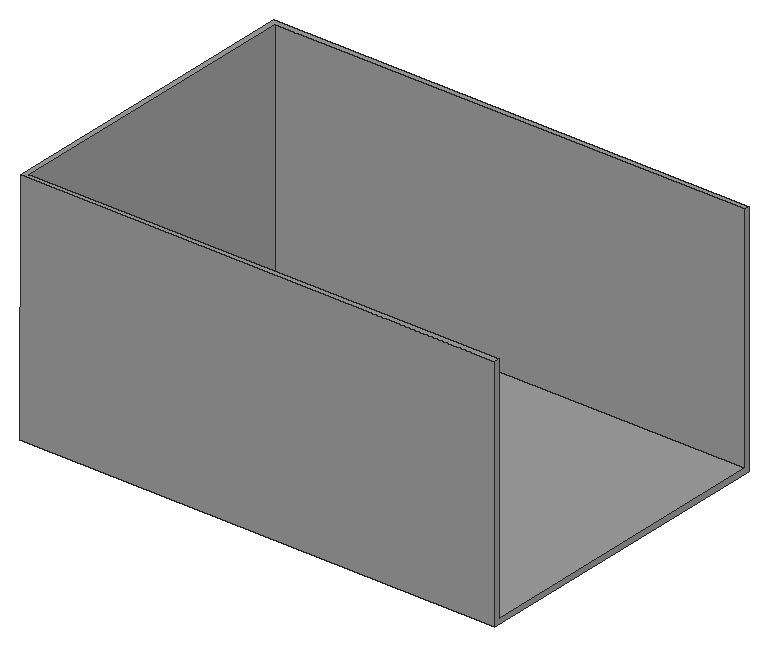
Revit family "Flashing_Preformed_Hyload_StopEnd", category Generic Models, Revit 2016
Family settings
  Part Type = Normal
  Can host rebar = No
  Round Connector Dimension = Use Diameter
  OmniClass Number = 23.20.30.24.11
  OmniClass Title = Embedded Flashing
  Work Plane-Based = No
  Always vertical = Yes
  Cut with Voids When Loaded = No
  Shared = No
  Room Calculation Point = No
Parameters (values of type "4 inch")
  Unit Width = 0' - 4"
  Unit Height = 0' - 3"
  Unit Depth = 0' - 6"
  URL = "http://www.hyload.com/"
  Thickness = 0' - 0 1/16"
  Specification = "http://www.arcat.com/sdspecs/htm04/07_65_00hyl.htm"
  Sales Information = "http://www.hyload.com/contact-us"
  Revision = "R1_12-2015"
  Product Properties = "http://www.hyload.com/masonry-flashing/preformed-shapes/"
  Product Data = "http://www.arcat.com/arcatcos/cos33/arc33176.html"
  Model = "4 in Stop End"
  Manufacturer Website = "http://www.hyload.com/"
  Manufacturer Phone - Toll Free = "800-457-4056"
  Manufacturer Phone = "330-769-3546"
  Manufacturer Fax = "330-769-4153"
  Manufacturer Address = "5020 Panther Pkwy., Seville, OH 44273"
  Manufacturer = "Hyload"
  Keynote = "07 65 00"
  Flashing Material = Hyload Flashing Membrane - Grey
  Drawn By = "Robert S. Weygant / Sumex Design"
  Description = "Preformed Hyload Masonry Flashing - 4 in Stop End"
  Copyright = "(c) ARCAT, Inc, 2015"
  Construction Details = "http://www.arcat.com/details/hyload/hyload.html?coid=33176"
  Assembly Code = "B3010400"
Types (3): name | Unit Width | Model | Description
  4 inch | 0' - 4" | "4 in Stop End" | "Preformed Hyload Masonry Flashing - 4 in Stop End"
  6 inch | 0' - 6" | "6 in Stop End" | "Preformed Hyload Masonry Flashing - 6 in Stop End"
  8 inch | 0' - 8" | "8 in Stop End" | "Preformed Hyload Masonry Flashing - 8 in Stop End"
Reference planes (in)
  plane 1 "Center (Front/Back)": y = 0
  plane 2: z = 0
  plane 3 "Center (Left/Right)": x = 0
  plane 4: y = 4
  plane 5: x = 6
  plane 6: z = 3
Forms (in)
  Extrusion 1, solid, material "Hyload Flashing Membrane - Grey" <- "Flashing Material"
    sketch origin (0, 0, 0) x (1, 0, 0) y (0, 1, 0)
      loop
        line (0, 4) -> (0, 0) -> (6, 0) -> (6, 4) -> (0, 4)
    from 0 to 0.0625 <- "Thickness"
  Extrusion 2, solid, material "Hyload Flashing Membrane - Grey" <- "Flashing Material"
    sketch origin (0, 0, 0) x (1, 0, 0) y (0, 1, 0)
      loop
        line (0, 4) -> (0, 0) -> (6, 0) -> (6, 0.0625) -> (0.0625, 0.0625) -> (0.0625, 3.9375) -> (6, 3.9375) -> (6, 4) -> (0, 4)
    from 0 to 3 <- "Unit Height"
Cuts and joins
  joined: Extrusion 1, Extrusion 2
Dimensions and locks (in)
  "Unit Width": plane 1 "Center (Front/Back)" to plane 4
  "Unit Depth": plane 3 "Center (Left/Right)" to plane 5
  "Unit Height": plane 6 to level
  "Thickness": plane 1 "Center (Front/Back)" to Extrusion 2 sketch curve
  "Thickness": plane 3 "Center (Left/Right)" to Extrusion 2 sketch curve
  plane 3 "Center (Left/Right)" to Extrusion 2 = 0' - 6"
  "Thickness": plane 4 to Extrusion 2 sketch curve
  aligned and locked: plane 2 to level
  aligned and locked: Extrusion 1 sketch curve to plane 4
  aligned and locked: plane 3 "Center (Left/Right)" to Extrusion 1 sketch curve
  aligned and locked: Extrusion 1 sketch curve to plane 1 "Center (Front/Back)"
  aligned and locked: Extrusion 1 sketch curve to plane 5
  aligned and locked: plane 4 to Extrusion 2 sketch curve
  aligned and locked: Extrusion 2 sketch curve to plane 3 "Center (Left/Right)"
  aligned and locked: plane 1 "Center (Front/Back)" to Extrusion 2 sketch curve
  aligned and locked: plane 5 to Extrusion 2 sketch curve  (x2)
  aligned and locked: Extrusion 2 to level
